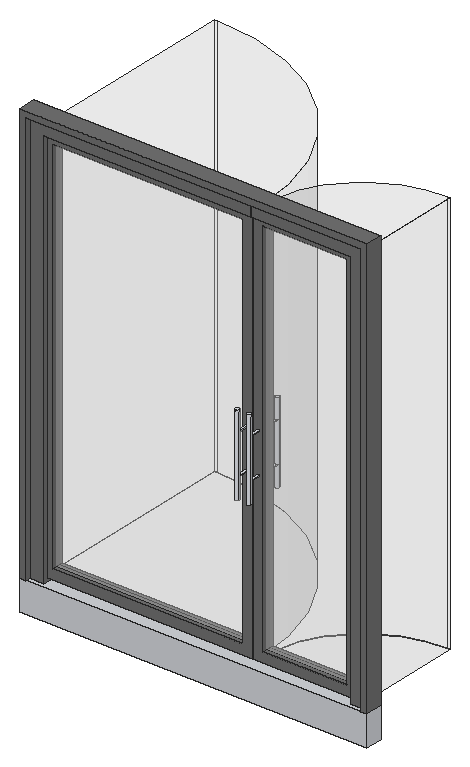
Revit family "AVLN_Дверь_Двупольная_Стальная", category Двери, Revit 2021
Family settings
  Основа = Стена
  Номер OmniClass = 23.30.10.00
  Заголовок OmniClass = Doors
  Всегда вертикально = Да
  При загрузке вырезать с полостями = Нет
  Общий = Нет
  Точка принадлежности помещению = Нет
Parameters (values of type "1730х2100")
  Ширина полотна [instance] = Width - Монтажный зазор * 2 - Коробка толщина * 2 - 10 mm  # 1560 mm
  Ширина левого полотна = 600 mm
  Ширина правого полотна = Width - Ширина левого полотна  # 1130 mm
  ШПП = Ширина правого полотна + Монтажный зазор + Коробка толщина  # 1210 mm
  ШЛП = Ширина левого полотна + Монтажный зазор + Коробка толщина  # 680 mm
  Фрамуга_Справа = no
  Фрамуга_Слева = no
  Тонкая линия проема = yes
  Толщина = 85 mm  # constant formula
  Тип ручки = Дв_Дверная ручка : Ручка стационарная
  Смещение проема [instance] = 150 mm
  Смещение внутрь = 0 mm
  СП1 [instance] = if(Смещение проема = 0 mm, 10 mm, 0 mm)  # 0 mm
  Ручки_Справа = yes
  Ручки_Слева = yes
  Ручка смещение = 30 mm  # constant formula
  Ручка высота = 950 mm  # constant formula
  Рабочая зона = no
  Rough Width = Width - Монтажный зазор * 2  # 1670 mm
  Rough Height = Height - Монтажный зазор  # 2070 mm
  Порожек = no
  Порог_наружний_смещение [instance] = 0 mm
  Порог_внутренний_смещение [instance] = 0 mm
  Порог_внутренний [instance] = no
  Порог [instance] = no
  ПШПП = ШПП + Монтажный зазор + Коробка толщина  # 1290 mm
  ПШЛП = ШЛП + Монтажный зазор + Коробка толщина  # 760 mm
  Определить тепловые свойства по = Тип схем
  Открывание 30° = yes
  Монтажный зазор = 30 mm
  Материал_Рама = AVLN_Материал импоста_RAL 7024
  Материал_Рабочая зона = AVLN_Материал импоста_RAL 7024
  Материал_Панель.Фрамуги_Справа = AVLN_Остекление окон и дверей
  Материал_Панель.Фрамуги_Слева = AVLN_Материал импоста_RAL 7024
  Материал_Панель.2_Справа = AVLN_Остекление окон и дверей
  Материал_Панель.2_Слева = AVLN_Остекление окон и дверей
  Материал_Панель.1_Справа = AVLN_Остекление окон и дверей
  Материал_Монтажный зазор = AVLN_Материал импоста_RAL 7024
  Материал_Панель.1_Слева = AVLN_Остекление окон и дверей
  Материал_Дверной ручки = ADSK_Металл_Окрашенный_Белый матовый
  Коробка.Доп.Ширина = 20 mm  # constant formula
  Коробка толщина = 50 mm
  Type Comments = ""
  КП = Коробка толщина + 5 mm  # 55 mm
  Заполнение под проемом_Видимость [instance] = if(Смещение проема = 0 mm, 1 = 0, 1 = 1)  # yes
  Функция = Внутренние слои
  Model = ""
  Горизонтальный импост_Справа = no
  Горизонтальный импост_Слева = no
  Высота фрамуги = 650 mm
  Высота порога = 40 mm
  Высота горизонтального импоста = 750 mm
  ВФ2 = if(ВФ = 40 mm, 0 mm, 30 mm)  # 0 mm
  ВФ = if(not(Фрамуга_Слева), 40 mm, Высота фрамуги + 70 mm)  # 40 mm
  ВП = if(not(Порожек), 0 mm, Высота порога)  # 0 mm
  Height = 2100 mm
  Замыкание стены = По основе
  Width = 1730 mm
  Аналитическая конструкция = "<Нет>"
  АВЛН_Проем_Ширина [instance] = Width  # 1730 mm
  АВЛН_Проем_Высота [instance] = Height + Смещение проема  # 2250 mm
  ADSK_Примечание [instance] = ""
  ADSK_Позиция [instance] = ""
  ADSK_Площадь [instance] = 0.00 m²
  ADSK_Обозначение = ""
  ADSK_Наименование = ""
  ADSK_Масса = 0
  ADSK_Марка [instance] = ""
  ADSK_Количество [instance] = 0
  ADSK_Единица измерения [instance] = ""
  СМ = Смещение внутрь + Толщина  # 85 mm
Types (3, lengths in mm): name | Ширина полотна | Ширина левого полотна | Ширина правого полотна | ШПП | ШЛП | Фрамуга_Справа | Фрамуга_Слева | Rough Width | Rough Height | Порожек | ПШПП | ПШЛП | Монтажный зазор | Материал_Рама | Материал_Рабочая зона | Материал_Панель.Фрамуги_Справа | Материал_Панель.Фрамуги_Слева | Материал_Панель.2_Справа | Материал_Панель.2_Слева | Материал_Панель.1_Справа | Материал_Монтажный зазор | Материал_Панель.1_Слева | Материал_Дверной ручки | Коробка толщина | Type Comments | КП | Model | Горизонтальный импост_Справа | Горизонтальный импост_Слева | ВФ2 | ВФ | ВП | Height | Width | АВЛН_Проем_Ширина | АВЛН_Проем_Высота | ADSK_Обозначение
  1730х2100 | 1560 | 600 | 1130 | 1210 | 680 | no | no | 1670 | 2070 | no | 1290 | 760 | 30 | AVLN_Материал импоста_RAL 7024 | AVLN_Материал импоста_RAL 7024 | AVLN_Остекление окон и дверей | AVLN_Материал импоста_RAL 7024 | AVLN_Остекление окон и дверей | AVLN_Остекление окон и дверей | AVLN_Остекление окон и дверей | AVLN_Материал импоста_RAL 7024 | AVLN_Остекление окон и дверей | ADSK_Металл_Окрашенный_Белый матовый | 50 | "" | 55 | "" | no | no | 0 | 40 | 0 | 2100 | 1730 | 1730 | 2250 | ""
  1400х2100 | 1150 | 500 | 900 | 1020 | 620 | no | no | 1300 | 2050 | no | 1140 | 740 | 50 | Алюминий | Алюминий | Алюминий | Алюминий | Алюминий | Алюминий | Алюминий | Алюминий | Алюминий | ADSK_Металл_Окрашенный_Белый матовый | 70 | "Двери наружные" | 75 | "Дверь" | no | no | 0 | 40 | 0 | 2100 | 1400 | 1400 | 2250 | "ГОСТ 23747-2015"
  Для копирования | 1300 | 1000 | 500 | 595 | 1095 | yes | yes | 1440 | 2470 | yes | 690 | 1190 | 30 | none | none | none | none | none | none | none | none | none | none | 65 | "" | 70 | "" | yes | yes | 30 | 720 | 40 | 2500 | 1500 | 1500 | 2650 | ""
Reference planes
  plane 1: y = 0
  plane 2 "По центру (Влево/Вправо)": x = 0
  plane 3 "Слева": x = -865
  plane 4 "Справа": x = 865
  plane 5: z = 2100
  plane 6 "Наружный": y = 150
  plane 7 "Внутренние": y = -150
  plane 8: z = -150
  plane 9: x = -835
  plane 10: x = 835
  plane 11: x = 785
  plane 12: x = -785
  plane 13: z = 2070
  plane 14: z = 2020
  plane 15 "Полотно_Н": y = 150
  plane 16 "Полотно_В": y = 65
  plane 17: z = -150
  plane 18: x = 235
  plane 19: x = 295
  plane 20: z = 950
  plane 21: z = 1015
  plane 22: z = 2000
  plane 23: y = 1280
  plane 24: z = 1050
  plane 25 "ОТКР_Г": y = 165
  plane 26: z = 2030
  plane 27: z = 2030
  plane 28: x = 795
  plane 29: x = -795
  plane 30: z = 0
  plane 31: z = 70
  plane 32 "ОТКР_Д": y = 100
  plane 33: x = -530.2
  plane 34: x = -765
  plane 35: x = 765
  plane 36: x = 530
  plane 37: x = 265
  plane 38: x = -265
  plane 39: x = 295
  plane 40: x = 235
  plane 41: y = 150
  plane 42: y = -150
  plane 43: x = -800
  plane 44: y = 1250
  plane 45: y = 1200
  plane 46: x = 800
  plane 47: y = 750
  plane 48: y = 720
  plane 49: y = 670
Forms (mm)
  Extrusion 1, solid, visible <- "Заполнение под проемом_Видимость", detail levels fine
    sketch origin (0, 150, 0) x (1, 0, 0) y (0, 0, 1)
      loop
        line (865, 0) -> (-865, 0) -> (-865, -150) -> (865, -150) -> (865, 0)
    from 0 to 85
  Extrusion 2, solid, material "AVLN_Материал импоста_RAL 7024" <- "Материал_Монтажный зазор", detail levels fine
    sketch origin (0, -150, 0) x (1, 0, 0) y (0, 0, 1)
      loop
        line (-865, 0) -> (-835, 0) -> (-835, 2070) -> (835, 2070) -> (835, 0) -> (865, 0) -> (865, 2100) -> (-865, 2100) -> (-865, 0)
    from -300 to -215
  Extrusion 3, void
    sketch origin (0, 0, 0) x (1, 0, 0) y (0, 1, 0)
      loop
        line (-865, 1280) -> (-865, 150) -> (865, 150) -> (865, 1280) -> (-865, 1280)
    from 0 to 2100
  Extrusion 4, solid, material "Зоны открывания"
    sketch origin (0, 0, 0) x (1, 0, 0) y (0, 1, 0)
      loop
        line (-800, 150) -> (265, 150)
        arc (265, 150) -> (-42.538, 892.462) -> (-785, 1200) r 1050
        line (-785, 1200) -> (-800, 1200) -> (-800, 150)
    from 0 to 2020
  Extrusion 5, solid, material "Зоны открывания"
    sketch origin (0, 0, 0) x (1, 0, 0) y (0, 1, 0)
      loop
        line (800, 670) -> (785, 670)
        arc (785, 670) -> (417.304, 517.696) -> (265, 150) r 520
        line (265, 150) -> (800, 150) -> (800, 670)
    from 0 to 2020
Lines and regions (mm)
  Opening 1
    outline origin (-3050, -150, 0) x (1, 0, 0) y (0, 0, 1)
      loop
        line (2185, -150) -> (3915, -150) -> (3915, 2100) -> (2185, 2100) -> (2185, -150)
  Masking region 1, visible <- "Тонкая линия проема"
    outline origin (-80, -199.486, 0) x (1, 0, 0) y (0, 1, 0)
      loop
        line (-712.395, 374.486) -> (-785, 349.486) -> (-785, 49.486) -> (-785, 19.486) -> (945, 19.486) -> (945, 49.486) -> (945, 349.486) -> (875.199, 374.486) -> (-712.395, 374.486)
  model lines, style "Открывание_Внутрь"
    curve 1: line (765, 100, 2030) -> (265, 100, 1015)
    curve 2: line (265, 100, 1015) -> (765, 100, 70)
    curve 3: line (-765, 100, 70) -> (265, 100, 1015)
    curve 4: line (265, 100, 1015) -> (-765, 100, 2030)
  model lines, style "Открывание_Наружу"
    curve 5: line (-795, 165, 0) -> (265, 165, 1015)
    curve 6: line (265, 165, 1015) -> (-795, 165, 2030)
    curve 7: line (795, 165, 2030) -> (265, 165, 1015)
    curve 8: line (265, 165, 1015) -> (795, 165, 0)
  model lines, style "Рабочая зона", visible <- "Рабочая зона"
    curve 9: line (-865, 150, 0) -> (-750, 1280, 0)
    curve 10: line (-750, 1280, 0) -> (750, 1280, 0)
    curve 11: line (865, 150, 0) -> (750, 1280, 0)
  symbolic lines, style "Порог", visible <- "Порог"
    curve 12: line (-865, 150, 0) -> (865, 150, 0)
  symbolic lines, style "Порог", visible <- "Порог_внутренний"
    curve 13: line (-865, -150, 0) -> (865, -150, 0)
Text (mm)
  text "Наружный" at (-2295.016, 1099.543, 0), in view "Опорный уровень"
  text "Наружный" at (0, 1615.38, 3698.081), in view "Слева"
  text "Наружный" at (0, 1036.032, 3874.932), in view "Справа"
Dimensions and locks
  equal spacing: plane 3 "Слева", plane 2 "По центру (Влево/Вправо)", plane 4 "Справа"
  "Width": plane 3 "Слева" to plane 4 "Справа"
  host wall to plane 5 = 2564.966 mm  (x2)
  locked: plane 6 "Наружный" to host wall
  locked: plane 7 "Внутренние" to host wall
  plane 8 to level = 150 mm
  "Height": level to plane 5
  "Монтажный зазор": plane 3 "Слева" to plane 9
  "Монтажный зазор": plane 10 to plane 4 "Справа"
  "Смещение внутрь": plane 15 "Полотно_Н" to plane 6 "Наружный"
  "Толщина": plane 15 "Полотно_Н" to plane 16 "Полотно_В"
  level to plane 17 = 150 mm
  "Монтажный зазор": plane 13 to plane 5
  "Коробка толщина": plane 14 to plane 13
  "Коробка толщина": plane 12 to plane 9
  "Коробка толщина": plane 11 to plane 10
  "Смещение проема": level to plane 8
  "Ручка высота": level to plane 20
  "Ручка смещение": plane 18 to plane 37
  "Ручка смещение": plane 37 to plane 19
  equal spacing: level, plane 21, plane 26
  equal spacing: plane 7 "Внутренние", plane 1, plane 6 "Наружный"
  "Коробка.Доп.Ширина": plane 14 to plane 22
  "Ширина правого полотна": plane 23 to plane 15 "Полотно_Н"
  plane 15 "Полотно_Н" to plane 16 "Полотно_В" = 85 mm
  locked: plane 25 "ОТКР_Г" to plane 15 "Полотно_Н" at 15
  "ВФ": plane 13 to plane 26
  equal spacing: level, plane 24, plane 5
  "ВФ2": plane 26 to plane 27
  locked: plane 10 to plane 28 at 40
  locked: plane 9 to plane 29 at 40
  "ВП": level to plane 30
  locked: plane 31 to level at 70
  nested 7 to plane 6 "Наружный" = 60 mm
  "СП1": plane 17 to plane 8
  "Коробка толщина": plane 15 "Полотно_Н" to plane 32 "ОТКР_Д"
  locked: plane 9 to plane 34 at 70
  locked: plane 10 to plane 35 at 70
  equal spacing: plane 37, plane 36, plane 28
  "Ширина левого полотна": plane 37 to plane 4 "Справа"
  equal spacing: plane 37, plane 38, plane 29
  locked: plane 39 to plane 37 at 30
  locked: plane 37 to plane 40 at 30
  "Порог_наружний_смещение": plane 6 "Наружный" to plane 41
  "Порог_внутренний_смещение": plane 42 to plane 7 "Внутренние"
  locked: plane 43 to plane 12 at 15
  "Монтажный зазор": plane 23 to plane 44
  locked: plane 44 to plane 45 at 50
  locked: plane 11 to plane 46 at 15
  "Ширина левого полотна": plane 6 "Наружный" to plane 47
  "Монтажный зазор": plane 47 to plane 48
  locked: plane 48 to plane 49 at 50
  aligned and locked: plane 3 "Слева" to Opening 1 sketch curve
  aligned and locked: Opening 1 sketch curve to plane 4 "Справа"
  aligned and locked: plane 1 to host wall
  aligned and locked: plane 8 to Opening 1 sketch curve
  aligned and locked: level to Extrusion 1 sketch curve
  aligned and locked: Extrusion 1 sketch curve to plane 4 "Справа"
  aligned and locked: Extrusion 1 sketch curve to host wall
  aligned and locked: Extrusion 1 to plane 16 "Полотно_В"
  aligned and locked: Extrusion 1 to plane 15 "Полотно_Н"
  aligned and locked: Extrusion 1 sketch curve to plane 17
  aligned and locked: plane 5 to Opening 1 sketch curve
  aligned and locked: Extrusion 2 sketch curve to plane 4 "Справа"
  aligned and locked: Extrusion 2 sketch curve to plane 10
  aligned and locked: Extrusion 2 sketch curve to plane 5
  aligned and locked: Extrusion 2 sketch curve to plane 13
  aligned and locked: plane 3 "Слева" to Extrusion 2 sketch curve
  aligned and locked: plane 9 to Extrusion 2 sketch curve
  aligned and locked: Extrusion 2 sketch curve to level  (x2)
  aligned and locked: plane 19 to nested 4
  aligned and locked: plane 18 to nested 2
  aligned and locked: nested 3 to plane 19
  aligned and locked: nested 5 to plane 4 "Справа"
  aligned and locked: nested 5 to plane 15 "Полотно_Н"
  aligned and locked: nested 6 to plane 3 "Слева"
  aligned and locked: plane 15 "Полотно_Н" to nested 6
  aligned and locked: Extrusion 2 to plane 15 "Полотно_Н"
  aligned and locked: curve 10 to plane 23
  aligned and locked: plane 15 "Полотно_Н" to curve 9
  aligned and locked: curve 11 to plane 15 "Полотно_Н"
  aligned and locked: Extrusion 3 sketch curve to plane 23
  aligned and locked: Extrusion 3 sketch curve to plane 3 "Слева"
  aligned and locked: Extrusion 3 sketch curve to plane 15 "Полотно_Н"
  aligned and locked: Extrusion 3 sketch curve to plane 4 "Справа"
  aligned and locked: Extrusion 3 to plane 5
  aligned and locked: Extrusion 2 to plane 16 "Полотно_В"
  aligned and locked: plane 26 to curve 1
  aligned and locked: plane 27 to curve 7
  aligned and locked: plane 29 to curve 6
  aligned and locked: curve 6 to plane 27
  aligned and locked: plane 28 to curve 8
  aligned and locked: plane 30 to curve 8
  aligned and locked: plane 29 to curve 5
  aligned and locked: curve 5 to plane 30
  aligned and locked: plane 31 to curve 3
  aligned and locked: curve 2 to plane 31
  aligned and locked: plane 21 to curve 8
  aligned and locked: nested 1 to plane 32 "ОТКР_Д"
  aligned and locked: plane 32 "ОТКР_Д" to nested 3
  aligned and locked: nested 2 to plane 25 "ОТКР_Г"
  aligned and locked: plane 25 "ОТКР_Г" to nested 4
  aligned and locked: nested 1 to plane 18
  aligned and locked: plane 34 to curve 4
  aligned and locked: plane 35 to curve 1
  aligned and locked: plane 37 to curve 6
  aligned and locked: plane 34 to curve 3
  aligned and locked: plane 21 to curve 4
  aligned and locked: nested 8 to plane 15 "Полотно_Н"
  aligned and locked: plane 4 "Справа" to curve 12
  aligned and locked: plane 3 "Слева" to curve 12
  aligned and locked: curve 12 to plane 41
  aligned and locked: curve 13 to plane 42
  aligned and locked: plane 3 "Слева" to Masking region 1
  aligned and locked: Masking region 1 to plane 4 "Справа"
  aligned and locked: host wall to Masking region 1 sketch curve  (x4)
  aligned and locked: nested 7 to Extrusion 2
  aligned and locked: nested 8 to Extrusion 2
  aligned and locked: curve 5 to plane 25 "ОТКР_Г"
  aligned and locked: nested 7 to plane 41
  aligned and locked: plane 43 to Extrusion 4 sketch curve
  aligned and locked: Extrusion 4 sketch curve to plane 41
  aligned and locked: plane 37 to Extrusion 4 sketch curve
  aligned and locked: plane 45 to Extrusion 4 sketch curve
  aligned and locked: Extrusion 4 to plane 14
  aligned and locked: plane 49 to Extrusion 5 sketch curve
  aligned and locked: plane 6 "Наружный" to Extrusion 5 sketch curve
  aligned and locked: plane 37 to Extrusion 5 sketch curve
  aligned and locked: plane 46 to Extrusion 5 sketch curve
  aligned and locked: plane 14 to Extrusion 5
  aligned and locked: Extrusion 5 to plane 30
  aligned and locked: Extrusion 4 to plane 30
Automatic sketch dimensions
  curve 2 to plane 37 = 0 mm
  curve 4 to plane 26 = 0 mm
  curve 2 to plane 35 = 0 mm
  curve 13 to plane 3 "Слева" = 0 mm
  curve 13 to plane 4 "Справа" = 0 mm
  Masking region 1 sketch curve to plane 3 "Слева" = 0 mm
  Masking region 1 sketch curve to plane 4 "Справа" = 0 mm
  Masking region 1 sketch curve to plane 29 = 2.605 mm
  plane 28 to Masking region 1 sketch curve = 0.199 mm
  host wall to Masking region 1 sketch curve = 30 mm
  host wall to Masking region 1 sketch curve = 25 mm
  curve 7 to plane 28 = 0 mm
  curve 10 to plane 34 = 15 mm
  curve 11 to plane 35 = 15 mm
Nested families
  nested 1: "Дв_Дверная ручка" at (235, 100, -90), visible <- "Ручки_Справа", type <- "Тип ручки", type "Ручка стационарная", detail levels fine
    with Высота расположения дверной ручки 1040 mm
  nested 2: "Дв_Дверная ручка" at (235, 165, -90), visible <- "Ручки_Справа", type <- "Тип ручки", type "Ручка стационарная", detail levels fine
    with Высота расположения дверной ручки 1040 mm
  nested 3: "Дв_Дверная ручка" at (295, 100, -90) x (-1, 0, 0) z (0, 0, 1), visible <- "Ручки_Слева", type <- "Тип ручки", type "Ручка стационарная", detail levels fine
    with Высота расположения дверной ручки 1040 mm
  nested 4: "Дв_Дверная ручка" at (295, 165, -90) x (-1, 0, 0) z (0, 0, 1), visible <- "Ручки_Слева", type <- "Тип ручки", type "Ручка стационарная", detail levels fine
    with Высота расположения дверной ручки 1040 mm
  nested 5: "АС-Двупольная-Обозначение на плане" at (605, 150, -150), Width <- "ШЛП", Height <- "Rough Height", Полотно.Ширина <- "Ширина левого полотна", Rough Width <- "ПШЛП", Коробка.Ширина <- "Коробка.Доп.Ширина", Коробка.Толщина <- "Толщина", Толщина <- "Коробка толщина", МЗ <- "Монтажный зазор", КП <- "КП", type "АС-Стандарт"
    with Width 680 mm, Толщина 50 mm, Rough Width 760 mm, Полотно.Ширина 600 mm, МЗ 30 mm, Коробка.Ширина 20 mm, Коробка.Толщина 85 mm, КП 55 mm, Height 2070 mm
  nested 6: "АС-Двупольная-Обозначение на плане" at (-75, 150, -150) x (-1, 0, 0) z (0, 0, 1), Width <- "ШПП", Height <- "Rough Height", Полотно.Ширина <- "Ширина правого полотна", Rough Width <- "ПШПП", Коробка.Ширина <- "Коробка.Доп.Ширина", Коробка.Толщина <- "Толщина", Толщина <- "Коробка толщина", МЗ <- "Монтажный зазор", КП <- "КП", type "АС-Стандарт"
    with Width 1210 mm, Толщина 50 mm, Rough Width 1290 mm, Полотно.Ширина 1130 mm, МЗ 30 mm, Коробка.Ширина 20 mm, Коробка.Толщина 85 mm, КП 55 mm, Height 2070 mm
  nested 7: "Алюминий ДП" at (430, 90, 0) x (-1, 0, 0) z (0, 0, 1), Width <- "Ширина левого полотна", Фрамуга <- "Фрамуга_Слева", М.Панель.1 <- "Материал_Панель.1_Слева", М.Панель.2 <- "Материал_Панель.2_Слева", М.Панель.Фрамуги <- "Материал_Панель.Фрамуги_Слева", М.Рама <- "Материал_Рама", Горизонтальный импост <- "Горизонтальный импост_Слева", Порог <- "Порожек", type "Алюминий ДП", detail levels fine
    with Width 600 mm, Фрамуга no, Порог no, М.Рама AVLN_Материал импоста_RAL 7024, М.Панель.Фрамуги AVLN_Материал импоста_RAL 7024, М.Панель.2 AVLN_Остекление окон и дверей, М.Панель.1 AVLN_Остекление окон и дверей, Горизонтальный импост no, ГИ no, ВФ2 0 mm, ВФ 250 mm, ВП2 0 mm, БГИ yes
  nested 8: "Алюминий ДП" at (-430, 90, 0), Width <- "Ширина правого полотна", Фрамуга <- "Фрамуга_Справа", М.Панель.1 <- "Материал_Панель.1_Справа", М.Панель.2 <- "Материал_Панель.2_Справа", М.Панель.Фрамуги <- "Материал_Панель.Фрамуги_Справа", М.Рама <- "Материал_Рама", Горизонтальный импост <- "Горизонтальный импост_Справа", Порог <- "Порожек", type "Алюминий ДП", detail levels fine
    with Width 1130 mm, Фрамуга no, Порог no, М.Рама AVLN_Материал импоста_RAL 7024, М.Панель.Фрамуги AVLN_Остекление окон и дверей, М.Панель.2 AVLN_Остекление окон и дверей, М.Панель.1 AVLN_Остекление окон и дверей, Горизонтальный импост no, ГИ no, ВФ2 0 mm, ВФ 250 mm, ВП2 0 mm, БГИ yes
Definition of nested family "Дв_Дверная ручка"
  Parameters (values of type "Ручка нажимная")
    Ручка стационарная = no
    Ручка нажимная = yes
    Define Thermal Properties by = 1
    Материал дверной ручки = none
    Высота расположения дверной ручки [instance] = 1040 mm
    Analytic Construction = "<Нет>"
    b = 25 mm
    a = 75 mm
  Types (3, lengths in mm): name | Ручка стационарная | Ручка нажимная | Высота расположения дверной ручки | a
    (no name) | no | yes | 1040 | 75
    Ручка нажимная | no | yes | 1040 | 75
    Ручка стационарная | yes | no | 1040.051 | 74.898
  Reference planes
    plane 1 "По центру (Вперед/Назад)": y = 0
    plane 2: z = 0
    plane 3 "По центру (Влево/Вправо)": x = 0
    plane 4: z = 1040
    plane 5: x = -12.5
    plane 6: x = 12.5
    plane 7: z = 1077.5
    plane 8: z = 1002.5
    plane 9: y = -15
    plane 10: y = -55
    plane 11: z = 1240.102
    plane 12: z = 840
  Forms (mm)
    Extrusion 1, solid, material <- "Материал дверной ручки", visible <- "Ручка нажимная"
      sketch origin (0, 0, 0) x (1, 0, 0) y (0, 0, 1)
        loop
          arc (-2.5, 1077.5) -> (-9.571, 1074.571) -> (-12.5, 1067.5) r 10
          line (-12.5, 1067.5) -> (-12.5, 1012.5)
          arc (-12.5, 1012.5) -> (-9.571, 1005.429) -> (-2.5, 1002.5) r 10
          line (-2.5, 1002.5) -> (2.5, 1002.5)
          arc (2.5, 1002.5) -> (9.571, 1005.429) -> (12.5, 1012.5) r 10
          line (12.5, 1012.5) -> (12.5, 1067.5)
          arc (12.5, 1067.5) -> (9.571, 1074.571) -> (2.5, 1077.5) r 10
          line (2.5, 1077.5) -> (-2.5, 1077.5)
      from 0 to 15
    Sweep 2, solid, material <- "Материал дверной ручки", visible <- "Ручка нажимная"
      path origin (0, 0, 2080) x (0, 1, 0) y (-1, 0, 0)
        loop
          line (-15, 0) -> (-38.261, 0)
          arc (-38.261, 0) -> (-45.332, 2.929) -> (-48.261, 10) r 10
          line (-48.261, 10) -> (-48.261, 130)
      profile origin (0, -26.63, 2080) x (1, 0, 0) y (0, 0, 1)
        loop
          circle (0, -1040) r 8
    Extrusion 3, solid, material <- "Материал дверной ручки", visible <- "Ручка стационарная"
      sketch origin (0, 0, 0) x (1, 0, 0) y (0, 0, 1)
        loop
          circle (0, 1140.126) r 5
      from 0 to 55
    Extrusion 4, solid, material <- "Материал дверной ручки", visible <- "Ручка стационарная"
      sketch origin (0, 0, -200.126) x (1, 0, 0) y (0, 0, 1)
        loop
          circle (0, 1140.126) r 5
      from 0 to 55
    Extrusion 5, solid, material <- "Материал дверной ручки", visible <- "Ручка стационарная"
      sketch origin (0, 112.733, 0) x (1, 0, 0) y (0, 1, 0)
        loop
          circle (0, -167.733) r 10
      from 840 to 1240.102
  Dimensions and locks
    "Высота расположения дверной ручки": plane 4 to level
    "a": plane 7 to plane 8
    "b": plane 6 to plane 5
    equal spacing: plane 6, plane 3 "По центру (Влево/Вправо)", plane 5
    locked: plane 1 "По центру (Вперед/Назад)" to plane 9 at 15
    equal spacing: plane 7, plane 4, plane 8
    Extrusion 4 to plane 4 to Extrusion 3 = 100 mm, 100.126 mm
    plane 11 to plane 12 = 400.102 mm
    aligned and locked: level to plane 2
    aligned and locked: Extrusion 1 sketch curve to plane 7
    aligned and locked: plane 5 to Extrusion 1 sketch curve
    aligned and locked: plane 8 to Extrusion 1 sketch curve
    aligned and locked: Extrusion 1 sketch curve to plane 6
    aligned and locked: Extrusion 1 to plane 1 "По центру (Вперед/Назад)"
    aligned and locked: plane 4 to Sweep 2
    aligned and locked: plane 10 to Extrusion 3
    aligned and locked: Extrusion 4 to Extrusion 3
    aligned and locked: Extrusion 3 to plane 1 "По центру (Вперед/Назад)"
    aligned and locked: Extrusion 4 to plane 1 "По центру (Вперед/Назад)"
    aligned and locked: plane 10 to Extrusion 5
    aligned and locked: plane 11 to Extrusion 5
    aligned and locked: Extrusion 5 to plane 12
  Automatic sketch dimensions
    Extrusion 5 sketch curve to plane 3 "По центру (Влево/Вправо)" = 0 mm
    plane 10 to Extrusion 5 sketch curve = 0 mm
    Sweep 2 sketch curve to plane 3 "По центру (Влево/Вправо)" = 0 mm
    plane 9 to Sweep 2 sketch curve = 0 mm
    Sweep 2 sketch curve to plane 10 = 16.739 mm
    Sweep 2 sketch curve to plane 10 = 6.739 mm
    Sweep 2 sketch curve to Sweep 2 sketch curve = 120 mm
    profile plane to Sweep 2 sketch curve = 0 mm
    Sweep 2 sketch curve to profile plane = 1040 mm
    Extrusion 3 sketch curve to plane 3 "По центру (Влево/Вправо)" = 0 mm
    Extrusion 3 sketch curve to plane 11 = 99.976 mm
    Extrusion 4 sketch curve to plane 3 "По центру (Влево/Вправо)" = 0 mm
    Extrusion 4 sketch curve to plane 4 = 100 mm
    Extrusion 1 sketch curve to plane 3 "По центру (Влево/Вправо)" = 2.5 mm  (x2)
    plane 3 "По центру (Влево/Вправо)" to Extrusion 1 sketch curve = 2.5 mm  (x2)
    radius of Extrusion 5 sketch curve = 10 mm
    radius of Sweep 2 sketch curve = 8 mm
    radius of Extrusion 3 sketch curve = 5 mm
    radius of Extrusion 4 sketch curve = 5 mm
Definition of nested family "Алюминий ДП"
  Parameters (values of type "Алюминий ДП")
    Width [instance] = 800 mm
    Фрамуга [instance] = yes
    Толщина коробки = 50 mm
    Порог [instance] = yes
    Define Thermal Properties by = 1
    МЗЗ = 30 mm
    М.Панель.Фрамуги [instance] = none
    М.Панель.2 [instance] = none
    М.Панель.1 [instance] = none
    Горизонтальный импост [instance] = yes
    Высота порога = 40 mm
    Height = 2100 mm
    ВФ2 [instance] = if(not(Фрамуга), 0 mm, Высота фрамуги)  # 650 mm
    ВФ [instance] = if(ВФ2 = 0 mm, 250 mm, ВФ2 - 40 mm)  # 610 mm
    Высота фрамуги = 650 mm
    ВП2 [instance] = if(Порог, Высота порога, 0 mm)  # 40 mm
    ВП1 = 20 mm + Высота порога  # 60 mm
    БГИ [instance] = not(Горизонтальный импост)  # no
    М.Рама [instance] = none
    ГИ [instance] = Горизонтальный импост  # yes
    Высота ГИ = 750 mm
    Analytic Construction = "<Нет>"
  Reference planes
    plane 1 "По центру (Вперед/Назад)": y = 0
    plane 2: z = 0
    plane 3 "По центру (Влево/Вправо)": x = 0
    plane 4: x = -405
    plane 5: x = 405
    plane 6: z = 2070
    plane 7: y = -60
    plane 8: x = -355
    plane 9: z = 2020
    plane 10: z = 1035
    plane 11: z = 50
    plane 12: y = -35
    plane 13: y = -55
    plane 14: z = 750
    plane 15: z = 760
    plane 16: z = 740
    plane 17: z = 1370
    plane 18: z = 1410
    plane 19: z = 2020
    plane 20 "222": z = 1390
    plane 21: x = -335
    plane 22: z = 2100
    plane 23: x = -435
    plane 24: x = 435
    plane 25: z = 40
    plane 26: z = 60
    plane 27: x = 365
    plane 28: x = -305
    plane 29: x = 315
    plane 30: z = 110
    plane 31: z = 1460
    plane 32: z = 1970
    plane 33: z = 1320
  Forms (mm)
    Sweep 1, solid, material <- "М.Рама", detail levels fine
      path origin (0, 0, 0) x (1, 0, 0) y (0, 0, 1)
        loop
          line (-405, 0) -> (-405, 2070) -> (365, 2070)
      profile "Профиль 1 : Профиль 1" origin (-405, 0, 1035) x (-1, 0, 0) y (0, -1, 0)
        loop
          line (-70, 0) -> (0, 0) -> (0, 60) -> (-50, 60) -> (-50, 15) -> (-70, 15) -> (-70, 0)
    Extrusion 2, solid, material <- "М.Панель.1", visible <- "БГИ", detail levels fine
      sketch origin (0, 0, 0) x (1, 0, 0) y (0, 0, 1)
        loop
          line (-305, 1320) -> (-305, 110) -> (315, 110) -> (315, 1320) -> (-305, 1320)
      from 35 to 55
    Sweep 3, solid, material <- "М.Рама", visible <- "ГИ", detail levels fine
      path origin (0, 0, 0) x (1, 0, 0) y (0, 0, 1)
        loop
          line (-305, 750) -> (315, 750)
      profile "Профиль 3 : Профиль 3" origin (5, 0, 750) x (0, 0, 1) y (0, -1, 0)
        loop
          line (-40, 15) -> (40, 15) -> (40, 35) -> (10, 35) -> (10, 55) -> (40, 55) -> (40, 75) -> (-40, 75) -> (-40, 55) -> (-10, 55) -> (-10, 35) -> (-40, 35) -> (-40, 15)
    Extrusion 4, solid, material <- "М.Панель.1", visible <- "ГИ", detail levels fine
      sketch origin (0, 0, 0) x (1, 0, 0) y (0, 0, 1)
        loop
          line (-305, 1320) -> (-305, 760) -> (315, 760) -> (315, 1320) -> (-305, 1320)
      from 35 to 55
    Extrusion 5, solid, material <- "М.Панель.2", visible <- "ГИ", detail levels fine
      sketch origin (0, 0, 0) x (1, 0, 0) y (0, 0, 1)
        loop
          line (-305, 740) -> (-305, 110) -> (315, 110) -> (315, 740) -> (-305, 740)
      from 35 to 55
    Extrusion 6, solid, material <- "М.Панель.Фрамуги", visible <- "Фрамуга", detail levels fine
      sketch origin (0, 0, 0) x (1, 0, 0) y (0, 0, 1)
        loop
          line (-305, 1970) -> (-305, 1460) -> (315, 1460) -> (315, 1970) -> (-305, 1970)
      from 35 to 55
    Sweep 7, solid, material <- "М.Рама", visible <- "Порог", detail levels fine
      path origin (0, 0, 0) x (1, 0, 0) y (0, 0, 1)
        loop
          line (-335, 0) -> (365, 0)
      profile "Профиль 5 : Профиль 5" origin (15, 0, 0) x (0, 0, 1) y (0, -1, 0)
        loop
          line (0, 60) -> (0, -5) -> (10, -5) -> (22.5, 40) -> (60, 40) -> (60, 60) -> (0, 60)
    Extrusion 8, solid, material <- "М.Рама", detail levels fine
      sketch origin (0, 0, 0) x (1, 0, 0) y (0, 1, 0)
        loop
          line (-355, -15) -> (-355, -60) -> (-335, -60) -> (-335, -15) -> (-355, -15)
      from 0 to 60
    Sweep 9, solid, material <- "М.Рама", visible <- "Фрамуга", detail levels fine
      path origin (225.411, 0, 1390) x (0, 1, 0) y (-1, 0, 0)
        loop
          line (0, -139.589) -> (0, 560.411)
      profile "Профиль 4 : Профиль 4" origin (15, 0, 1390) x (0, -1, 0) y (0, 0, 1)
        loop
          line (0, 40) -> (0, -40) -> (15, -40) -> (15, -15) -> (60, -15) -> (60, 15) -> (15, 15) -> (15, 40) -> (0, 40)
    Extrusion 10, solid, material <- "М.Рама"
      sketch origin (0, 0, 0) x (1, 0, 0) y (0, 0, 1)
        loop
          line (-355, 1370) -> (-355, 60) -> (365, 60) -> (365, 1370) -> (-355, 1370)
        loop
          line (315, 110) -> (315, 1320) -> (-305, 1320) -> (-305, 110) -> (315, 110)
      from 15 to 75
    Extrusion 11, solid, material <- "М.Рама"
      sketch origin (0, 0, 0) x (1, 0, 0) y (0, 0, 1)
        loop
          line (-355, 2020) -> (-355, 1410) -> (365, 1410) -> (365, 2020) -> (-355, 2020)
        loop
          line (-305, 1970) -> (-305, 1460) -> (315, 1460) -> (315, 1970) -> (-305, 1970)
      from 15 to 75
  Cuts and joins
    joined: Sweep 1, Extrusion 8
  Dimensions and locks
    equal spacing: plane 4, plane 3 "По центру (Влево/Вправо)", plane 5
    "Width": plane 27 to plane 23
    "Height": plane 22 to level
    locked: plane 1 "По центру (Вперед/Назад)" to plane 7 at 60
    locked: plane 4 to plane 8 at 50
    equal spacing: plane 6, plane 10, level
    locked: plane 6 to plane 9 at 50
    "ВП2": plane 2 to plane 25
    locked: plane 12 to plane 13 at 20
    locked: plane 1 "По центру (Вперед/Назад)" to plane 12 at 35
    "Высота ГИ": plane 14 to level
    plane 15 to plane 14 to plane 16 = 10 mm locked, 10 mm locked
    plane 19 to plane 18 = 610 mm
    locked: plane 18 to plane 17 at 40
    "ВФ": plane 19 to plane 18
    equal spacing: plane 18, plane 20 "222", plane 17
    locked: plane 21 to plane 8 at 20
    "ВФ2": plane 9 to plane 17
    "МЗЗ": plane 22 to plane 6
    "МЗЗ": plane 4 to plane 23
    "МЗЗ": plane 5 to plane 24
    locked: plane 7 to plane 1 "По центру (Вперед/Назад)" at 60
    locked: plane 11 to plane 25 at 10
    locked: plane 11 to plane 26 at 10
    "Толщина коробки": plane 28 to plane 8
    "Толщина коробки": plane 17 to plane 33
    "Толщина коробки": plane 30 to plane 26
    "Толщина коробки": plane 31 to plane 18
    "Толщина коробки": plane 9 to plane 32
    "Толщина коробки": plane 29 to plane 27
    aligned and locked: level to plane 2
    aligned and locked: Sweep 1 sketch curve to plane 6
    aligned and locked: plane 4 to Sweep 1 sketch curve
    aligned and locked: plane 12 to Extrusion 2
    aligned and locked: Extrusion 2 to plane 13
    aligned and locked: Sweep 3 sketch curve to plane 14
    aligned and locked: Extrusion 4 sketch curve to plane 15
    aligned and locked: plane 16 to Extrusion 5 sketch curve
    aligned and locked: Extrusion 4 to plane 13
    aligned and locked: plane 12 to Extrusion 4
    aligned and locked: Extrusion 5 to plane 13
    aligned and locked: plane 12 to Extrusion 5
    aligned and locked: Sweep 7 sketch curve to level
    aligned and locked: plane 21 to Sweep 7 sketch curve
    aligned and locked: Extrusion 8 sketch curve to Sweep 1  (x2)
    aligned and locked: Extrusion 8 sketch curve to Sweep 7
    aligned and locked: Extrusion 8 to plane 26
    aligned and locked: plane 27 to Sweep 1 sketch curve
    aligned and locked: plane 27 to Sweep 7 sketch curve
    aligned and locked: Sweep 9 sketch curve to plane 1 "По центру (Вперед/Назад)"
    aligned and locked: plane 30 to Extrusion 5  (x3)
    aligned and locked: plane 33 to Extrusion 4
    aligned and locked: plane 33 to Extrusion 2
    aligned and locked: Extrusion 5 to plane 29  (x2)
    aligned and locked: Extrusion 2 to plane 29
    aligned and locked: Extrusion 4 to plane 29  (x2)
    aligned and locked: plane 28 to Sweep 3 sketch curve
    aligned and locked: plane 29 to Sweep 3 sketch curve
    aligned and locked: Extrusion 6 to plane 29
    aligned and locked: Extrusion 6 to plane 31
    aligned and locked: Extrusion 6 to plane 28
    aligned and locked: plane 32 to Extrusion 6
    aligned and locked: plane 31 to Extrusion 11
    aligned and locked: plane 28 to Extrusion 11
    aligned and locked: Extrusion 11 to plane 32
    aligned and locked: Extrusion 11 to plane 8
    aligned and locked: plane 19 to Extrusion 11
    aligned and locked: Extrusion 11 to plane 18
    aligned and locked: Extrusion 11 to Extrusion 10  (x2)
    aligned and locked: Extrusion 11 to plane 27  (x3)
    aligned and locked: plane 27 to Sweep 9 sketch curve
    aligned and locked: cut or joined group of Sweep 1, Extrusion 8 to Sweep 9 sketch curve
    aligned and locked: Extrusion 10 to plane 27  (x2)
    aligned and locked: plane 29 to Extrusion 10  (x3)
    aligned and locked: Extrusion 10 to plane 33
    aligned and locked: Extrusion 2 to plane 28
    aligned and locked: Extrusion 5 to plane 28
    aligned and locked: Extrusion 4 to plane 28
    aligned and locked: plane 29 to Extrusion 11
    aligned and locked: plane 28 to Extrusion 10
    aligned and locked: plane 30 to Extrusion 2
    aligned and locked: Extrusion 10 to plane 30
  Automatic sketch dimensions
    Sweep 1 sketch curve to level = 0 mm
    plane 7 to Extrusion 8 sketch curve = 0 mm
    Extrusion 10 sketch curve to plane 21 = 20 mm
    Extrusion 10 sketch curve to plane 26 = 0 mm
    plane 21 to Extrusion 2 sketch curve = 30 mm
    plane 21 to Extrusion 4 sketch curve = 30 mm
    plane 21 to Extrusion 5 sketch curve = 30 mm
    plane 21 to Extrusion 6 sketch curve = 30 mm
    Extrusion 10 sketch curve to Extrusion 10 sketch curve = 50 mm  (x3)
    Extrusion 2 sketch curve to plane 26 = 50 mm
    Extrusion 5 sketch curve to plane 26 = 50 mm
    Extrusion 2 sketch curve to plane 17 = 50 mm
    Extrusion 4 sketch curve to plane 17 = 50 mm
    Extrusion 10 sketch curve to plane 17 = 50 mm
    Extrusion 10 sketch curve to plane 17 = 0 mm
    plane 18 to Extrusion 6 sketch curve = 50 mm
    Extrusion 6 sketch curve to plane 9 = 50 mm
    Extrusion 11 sketch curve to plane 21 = 20 mm
    plane 28 to Extrusion 11 sketch curve = 0 mm
    plane 29 to Extrusion 11 sketch curve = 0 mm
    plane 5 to Extrusion 11 sketch curve = 40 mm
    Extrusion 11 sketch curve to plane 31 = 50 mm
    Extrusion 11 sketch curve to plane 31 = 0 mm
    plane 32 to Extrusion 11 sketch curve = 0 mm
    Extrusion 11 sketch curve to plane 9 = 0 mm
    plane 29 to Extrusion 2 sketch curve = 0 mm
    plane 29 to Extrusion 4 sketch curve = 0 mm
    plane 29 to Extrusion 5 sketch curve = 0 mm
    plane 29 to Extrusion 6 sketch curve = 0 mm
    plane 29 to Extrusion 10 sketch curve = 0 mm
    plane 1 "По центру (Вперед/Назад)" to Sweep 9 sketch curve = 0 mm
Definition of nested family "АС-Двупольная-Обозначение на плане"
  Parameters (values of type "АС-Стандарт")
    Полотно.Ширина [instance] = 900 mm
    Открывание двери 90 = not(Открывание двери 30)  # no
    Открывание двери 30 = yes
    МЗ [instance] = 20 mm
    Линия открывания (дуга) = not(Открывание двери 30)  # no
    Коробка.Ширина [instance] = 40 mm
    Коробка.Толщина [instance] = 80 mm
    Width [instance] = 1000 mm
    Thickness [instance] = 40 mm
    Rough Width [instance] = 960 mm
    КП [instance] = 30 mm
    Height [instance] = 2100 mm
    Default Elevation = 0 mm
    Analytic Construction = "<Нет>"
  Reference planes
    plane 1 "Center (Front/Back)": y = 0
    plane 2: z = 0
    plane 3 "Center (Left/Right)": x = 0
    plane 4 "Полотно.Слева": x = -480
    plane 5 "Полотно справа": x = 480
    plane 6 "Проем.Слева": x = -500
    plane 7 "Проем.Справа": x = 500
    plane 8 "Полотно. Внутренняя сторона": y = -40
    plane 9 "Коробка. Внутренняя сторона": y = -80
    plane 10 "Коробка.Внутренняя сторона слева": x = -450
    plane 11 "Коробка. Внутренняя сторона справа": x = 450
    plane 12 "2": x = -410
    plane 13 "3": x = 410
  Lines and regions (mm)
    Masking region 1, detail levels fine
      outline origin (0, 0, 0) x (1, 0, 0) y (0, 1, 0)
        loop
          line (500, -80) -> (500, 0) -> (480, 0) -> (480, -80) -> (500, -80)
    Masking region 2, detail levels fine
      outline origin (0, 0, 0) x (1, 0, 0) y (0, 1, 0)
        loop
          line (480, 0) -> (450, 0) -> (450, -40) -> (410, -40) -> (410, -80) -> (480, -80) -> (480, 0)
    Masking region 3, visible <- "Открывание двери 90", detail levels fine
      outline origin (0, 0, 0) x (1, 0, 0) y (0, 1, 0)
        loop
          line (450, 0) -> (450, 900) -> (410, 900) -> (410, 0) -> (450, 0)
    Masking region 4, visible <- "Открывание двери 30", detail levels fine
      outline origin (0, 0, 0) x (1, 0, 0) y (0, 1, 0)
        loop
          line (450, 0) -> (-329.423, 450) -> (-349.423, 415.359) -> (430, -34.641) -> (450, 0)
    symbolic lines, visible <- "Открывание двери 30", detail levels coarse+medium
      curve 1: line (500, 0, 0) -> (-366.025, 500, 0)
    symbolic lines, visible <- "Открывание двери 90", detail levels coarse+medium
      curve 2: line (500, 0, 0) -> (500, 1000, 0)
    symbolic lines, visible <- "Линия открывания (дуга)", detail levels coarse+medium
      curve 3: arc (500, 1000, 0) -> (-207.107, 707.107, 0) -> (-500, 0, 0) r 1000
    symbolic lines, visible <- "Линия открывания (дуга)", detail levels fine
      curve 4: arc (-450, 0, 0) -> (-186.396, 636.396, 0) -> (450, 900, 0) r 900
    model lines, not visible
      curve 5: line (0, 0, 0) -> (0, 0, 2100)
  Dimensions and locks
    "Thickness": plane 1 "Center (Front/Back)" to plane 8 "Полотно. Внутренняя сторона"  (x2)
    plane 1 "Center (Front/Back)" to plane 9 "Коробка. Внутренняя сторона" = 80 mm
    "Коробка.Толщина": plane 9 "Коробка. Внутренняя сторона" to plane 1 "Center (Front/Back)"
    "Полотно.Ширина": plane 10 "Коробка.Внутренняя сторона слева" to plane 11 "Коробка. Внутренняя сторона справа"
    "Width": curve 1 to curve 1
    "Width": plane 1 "Center (Front/Back)" to curve 2
    "Коробка.Ширина": Masking region 2 sketch curve to Masking region 2 sketch curve
    "Полотно.Ширина": plane 1 "Center (Front/Back)" to Masking region 3 sketch curve
    "Thickness": Masking region 3 sketch curve to plane 11 "Коробка. Внутренняя сторона справа"
    "Полотно.Ширина": Masking region 4 sketch curve to Masking region 4 sketch curve
    "Thickness": Masking region 4 sketch curve to Masking region 4 sketch curve
    "Height": curve 5 to level
    "Thickness": Masking region 3 to plane 11 "Коробка. Внутренняя сторона справа"
    "Thickness": Masking region 4 to Masking region 4
    "Коробка.Ширина": plane 10 "Коробка.Внутренняя сторона слева" to plane 12 "2"
    "Коробка.Ширина": plane 13 "3" to plane 11 "Коробка. Внутренняя сторона справа"
    "КП": plane 11 "Коробка. Внутренняя сторона справа" to plane 5 "Полотно справа"
    "КП": plane 4 "Полотно.Слева" to plane 10 "Коробка.Внутренняя сторона слева"
    "МЗ": plane 5 "Полотно справа" to plane 7 "Проем.Справа"
    "МЗ": plane 6 "Проем.Слева" to plane 4 "Полотно.Слева"
    "Width": radius of curve 3
    "Полотно.Ширина": radius of curve 4
    locked: curve 1 to plane 1 "Center (Front/Back)" (angle 30.00°)
    locked: Masking region 4 sketch curve to plane 1 "Center (Front/Back)" (angle 30.00°)
    aligned and locked: level to plane 2
    aligned and locked: plane 7 "Проем.Справа" to curve 2
    aligned and locked: plane 1 "Center (Front/Back)" to curve 2
    aligned and locked: plane 9 "Коробка. Внутренняя сторона" to Masking region 1 sketch curve
    aligned and locked: Masking region 1 sketch curve to plane 7 "Проем.Справа"
    aligned and locked: plane 1 "Center (Front/Back)" to Masking region 1 sketch curve
    aligned and locked: plane 5 "Полотно справа" to Masking region 1 sketch curve
    aligned and locked: Masking region 2 sketch curve to plane 5 "Полотно справа"
    aligned and locked: Masking region 2 sketch curve to plane 11 "Коробка. Внутренняя сторона справа"
    aligned and locked: Masking region 2 sketch curve to plane 9 "Коробка. Внутренняя сторона"
    aligned and locked: Masking region 2 sketch curve to plane 8 "Полотно. Внутренняя сторона"
    aligned and locked: Masking region 2 sketch curve to plane 1 "Center (Front/Back)"
    aligned and locked: plane 11 "Коробка. Внутренняя сторона справа" to curve 4
    aligned and locked: Masking region 2 to Masking region 3 sketch curve
    aligned and locked: Masking region 3 sketch curve to Masking region 2
    aligned and locked: plane 11 "Коробка. Внутренняя сторона справа" to Masking region 4 sketch curve
    aligned and locked: plane 2 to curve 5
    aligned and locked: plane 3 "Center (Left/Right)" to curve 5
    aligned and locked: plane 11 "Коробка. Внутренняя сторона справа" to Masking region 3
    aligned and locked: plane 1 "Center (Front/Back)" to Masking region 3
  Automatic sketch dimensions
    plane 1 "Center (Front/Back)" to curve 4 = 0 mm
    plane 1 "Center (Front/Back)" to Masking region 4 sketch curve = 0 mm
